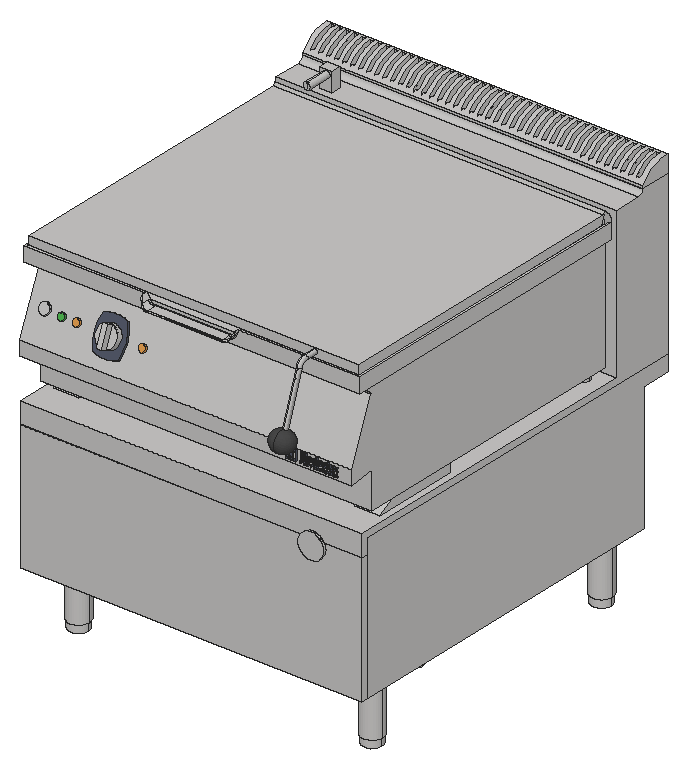
Revit family "QF_ELECTROLUXPROFESSIONAL_391282_E9BRGHDO4M", category Specialty Equipment, Revit 2018
Family settings
  Round Connector Dimension = Use Diameter
  Part Type = Normal
  Work Plane-Based = No
  Always vertical = Yes
  Cut with Voids When Loaded = No
  Shared = No
  Room Calculation Point = No
Parameters (values of type "Standard")
  Weight = 150.00 kg
  Watts = 0 W
  Volts = 220 V
  URL Manufacturer = "https://www.electroluxprofessional.com/"
  URL = "https://www.electroluxprofessional.com/"
  Steam Supply Size = 0"
  Steam Supply Minimum Pressure = 0.00 psi
  Steam Supply Maximum Pressure = 0.00 psi
  Steam Pounds per Hour = 0
  Show Logo [instance] = yes
  Show Clearance [instance] = yes
  Refrigeration Suction Line Size = 0 mm
  Refrigeration Liquid Line Size = 0 mm
  Refrigerant Compressor Remote = yes
  Phase = 1
  Model = "E9BRGHDO4M"
  Manufacturer = "Electrolux Professional"
  Length Actual = 800 mm  # constant formula
  Item Number = "391282"
  Hot Water Size = 0"
  Height Actual = 850 mm  # constant formula
  HP = "0.1 HP"
  Gas Size = 1/2"
  Gas KW = 21
  Gas Input Pressure = 0.672036 Btu/h
  Direct Waste Size = 0"
  Description = "80L GAS BRATT PAN DUOMAT BOTTOM AUT-60HZ"
  Depth Actual = 930 mm  # constant formula
  Cycle = 60 Hz
  Condensate Return Size = 0"
  Compressed Air Volume = 0 GPM
  Compressed Air Size = 0"
  Compressed Air Pressure = 0.00 psi
  Cold Water Size = 3/4"
  Assembly Code = ""
  Accessory = yes
Reference planes
  plane 1 "BACK": y = 0
  plane 2: z = 0
  plane 3 "LEFT": x = 0
  plane 4 "RIGHT": x = 800
  plane 5 "FRONT": y = -915
  plane 6 "TOP": z = 908
  plane 7 "Center Y": x = 400
  plane 8 "Center X": y = -457.5
  plane 9 "Base": z = 149
  plane 10: z = 502.193
  plane 11: z = 1653
  plane 12: y = -125
  plane 13: y = -799
  plane 14: x = 55
  plane 15: y = -160.853
  plane 16: x = 745
  plane 17: y = -1014
  plane 18: y = -899.182
  plane 19: x = 786
  plane 20: z = 850
  plane 21 "Connection": z = 182
  plane 22: y = -706
  plane 23: x = 265
  plane 24: x = 105
  plane 25: x = 195
  plane 26 "FUME": z = 866.248
Forms (mm)
  Revolve 1, solid, material "QF_Finishes_Stainless Steel"
    sketch origin (0, -125, 0) x (1, 0, 0) y (0, 0, 1)
      loop
        line (55, 0) -> (55, 149) -> (29.6, 149) -> (29.6, 19.05) -> (32.1, 19.05) -> (32.1, 0) -> (55, 0)
      axis (55, 0) -> (55, 149)
    angle from 0 to 360
  Revolve 2, solid, material "QF_Finishes_Stainless Steel"
    sketch origin (0, -799, 0) x (1, 0, 0) y (0, 0, 1)
      loop
        line (55, 0) -> (55, 149) -> (29.6, 149) -> (29.6, 19.05) -> (32.1, 19.05) -> (32.1, 0) -> (55, 0)
      axis (55, 0) -> (55, 149)
    angle from 0 to 360
  Extrusion 3, solid, material "QF_Finishes_Stainless Steel"
    sketch origin (0, -214.682, 0) x (0, 1, 0) y (0, 0, 1)
      loop
        line (214.682, 487.193) -> (214.682, 866.248) -> (143.055, 866.248)
        arc (143.055, 866.248) -> (139.432, 857.502) -> (130.686, 853.88) r 12.368
        line (130.686, 853.88) -> (64.682, 853.88) -> (64.682, 502.193) -> (-684.5, 502.193) -> (-684.5, 452.193) -> (-669.5, 452.193) -> (-669.5, 487.193) -> (214.682, 487.193)
      loop
        line (-669.5, 149) -> (-669.5, 451.193) -> (-684.5, 451.193) -> (-684.5, 149) -> (-669.5, 149)
    from 0 to 800
  Extrusion 4, solid, material "QF_Finishes_Stainless Steel"
    sketch origin (0, -214.682, 0) x (0, 1, 0) y (0, 0, 1)
      loop
        line (44.029, 528.406) -> (44.029, 817.127) -> (-678.5, 817.127) -> (-678.5, 809.681) -> (-643.264, 774.446) -> (-700.318, 641.094) -> (-700.318, 606.094) -> (-640.765, 613.406) -> (-640.765, 528.406) -> (44.029, 528.406)
    from 10 to 790
  Sweep 5, solid, material "QF_Finishes_Stainless Steel"
    path origin (0, -204.882, 145) x (-1, 0, 0) y (0, -1, 0)
      loop
        line (-290, 694.3) -> (-5, 694.3) -> (-5, -44.029) -> (-795, -44.029) -> (-795, 694.3) -> (-510, 694.3)
    profile origin (652.5, -899.182, 145) x (0, -1, 0) y (0, 0, 1)
      loop
        line (-5, 651.359) -> (0, 651.359) -> (0, 685.301) -> (-6, 685.301) -> (-6, 681.062) -> (-5, 681.062) -> (-5, 651.359)
  Extrusion 6, solid, material "QF_Finishes_Stainless Steel"
    sketch origin (0, -214.682, -5) x (0, 1, 0) y (0, 0, 1)
      loop
        line (33.715, 835.301) -> (42.572, 855) -> (-677.138, 855) -> (-677.138, 835.301) -> (33.715, 835.301)
      loop
        arc (64.305, 837.022) -> (57.071, 850.749) -> (45.92, 861.539) r 49.182
        line (45.92, 861.539) -> (39.069, 846.301) -> (45.904, 846.301) -> (45.904, 832.604) -> (64.305, 814.204) -> (64.305, 837.022)
    from 12.363 to 787.637
  Extrusion 7, solid, material "QF_Finishes_Stainless Steel"
    sketch origin (0, -214.682, 0) x (0, 1, 0) y (0, 0, 1)
      loop
        line (-403.818, 528.406) -> (-556.057, 528.406) -> (-609.801, 502.193) -> (-403.818, 502.193) -> (-403.818, 528.406)
    from 16.63 to 76.513
  Extrusion 8, solid, material "QF_Finishes_Stainless Steel"
    sketch origin (0, -207.182, 150) x (-1, 0, 0) y (0, -1, 0)
      loop
        circle (-46.571, -17.496) r 15
      loop
        circle (-753.429, -17.496) r 15
    from 352.193 to 383.406
  Extrusion 9, solid, material "QF_Finishes_Stainless Steel"
    sketch origin (0, -64.682, 0) x (0, 1, 0) y (0, 0, 1)
      loop
        line (-43.387, 853.88) -> (-43.387, 898) -> (-67.444, 898) -> (-67.444, 853.88) -> (-43.387, 853.88)
    from 87.469 to 116.843
  Revolve 10, solid, material "QF_Finishes_Stainless Steel"
    sketch origin (103.25, -64.682, -10) x (0, 1, 0) y (0, 0, 1)
      loop
        line (-67.444, 898.097) -> (-67.444, 906.222) -> (-123.629, 906.222) -> (-123.629, 898.097) -> (-67.444, 898.097)
      axis (-123.629, 898.097) -> (-67.444, 898.097)
    angle from 0 to 360
  Extrusion 11, solid, material "QF_Clearances", visible <- "Show Clearance", detail levels coarse
    sketch origin (0, -214.682, 0) x (1, 0, 0) y (0, 1, 0)
      loop
        line (800, 214.682) -> (800, -700.318) -> (850, -700.318) -> (850, 264.682) -> (-50, 264.682) -> (-50, -700.318) -> (0, -700.318) -> (0, 214.682) -> (800, 214.682)
    from 0 to 908
  Extrusion 12, solid, material "QF_Finishes_Stainless Steel"
    sketch origin (800, 0, 0) x (0, 1, 0) y (0, 0, 1)
      loop
        line (-884.182, 149) -> (-69, 149) -> (-69, 448) -> (0, 448) -> (0, 487.193) -> (-884.182, 487.193) -> (-884.182, 149)
    from 0 to -800
  Revolve 13, solid, material "QF_Finishes_Stainless Steel"
    sketch origin (1000, -125, 0) x (-1, 0, 0) y (0, 0, -1)
      loop
        line (255, 0) -> (232.1, 0) -> (232.1, -19.05) -> (229.6, -19.05) -> (229.6, -149) -> (255, -149) -> (255, 0)
      axis (255, 0) -> (255, -149)
    angle from 0 to 360
  Revolve 14, solid, material "QF_Finishes_Stainless Steel"
    sketch origin (1000, -799, 0) x (-1, 0, 0) y (0, 0, -1)
      loop
        line (255, 0) -> (232.1, 0) -> (232.1, -19.05) -> (229.6, -19.05) -> (229.6, -149) -> (255, -149) -> (255, 0)
      axis (255, 0) -> (255, -149)
    angle from 0 to 360
  Sweep 15, solid, material "QF_Finishes_Stainless Steel"
    path origin (8.84, -214.682, -10) x (0, 1, 0) y (0, 0, 1)
      loop
        line (-677.138, 852.831) -> (-705.492, 852.831)
        arc (-705.492, 852.831) -> (-716.963, 849.214) -> (-724.286, 839.672) r 20
        line (-724.286, 839.672) -> (-765.322, 726.924)
    profile origin (8.84, -905.997, 842.831) x (0, 0, -1) y (1, 0, 0)
      loop
        circle (0, 676.16) r 5
  Revolve 16, solid, material "QF_Finishes_Black"
    sketch origin (685, -194.682, 0) x (0, 1, 0) y (0, 0, 1)
      loop
        line (-785.322, 716.924) -> (-792.738, 719.623)
        arc (-792.738, 719.623) -> (-818.978, 701.075) -> (-800.713, 674.638) r 22.845
        line (-800.713, 674.638) -> (-785.322, 716.924)
      axis (-785.322, 716.924) -> (-800.713, 674.638)
    angle from 0 to 360
  Extrusion 17, solid, material "QF_Finishes_Stainless Steel"
    sketch origin (800, -69, 149) x (-1, 0, 0) y (0, 1, 0)
      loop
        circle (14, -649.182) r 12.7
    from 0 to 5
  Extrusion 18, solid, material "QF_Finishes_Stainless Steel"
    sketch origin (-3.75, -899.182, 149) x (0, 0, 1) y (-1, 0, 0)
      loop
        circle (289.443, -688.75) r 30
    from 0 to 5
  Extrusion 19, solid, material "QF_Finishes_Stainless Steel"
    sketch origin (800, -214.682, 0) x (0, 1, 0) y (0, 0, -1)
      loop
        line (-403.818, -528.406) -> (-403.818, -502.193) -> (-609.801, -502.193) -> (-556.057, -528.406) -> (-403.818, -528.406)
    from 16.63 to 76.513
  Extrusion 20, solid, material "QF_Finishes_Stainless Steel"
    sketch origin (0, 0, 182) x (-1, 0, 0) y (0, -1, 0)
      loop
        circle (-105, 706) r 6.35
    from 0 to 45
  Extrusion 21, solid, material "QF_Finishes_Stainless Steel"
    sketch origin (21.213, 21.213, 182) x (-1, 0, 0) y (0, -1, 0)
      loop
        circle (-173.787, 719.213) r 6.35
    from 0 to 45
  Extrusion 22, solid, material "QF_Finishes_Stainless Steel"
    sketch origin (130, 0, 182) x (-1, 0, 0) y (0, -1, 0)
      loop
        circle (-135, 706) r 6.35
    from 0 to 45
  Extrusion 23, solid, material "QF_Finishes_Stainless Steel"
    sketch origin (0, -201.682, -15.905) x (1, 0, 0) y (0, 0, 1)
      loop
        line (509.996, 839.805) -> (509.996, 846.205) -> (502.677, 833.527)
        arc (502.677, 833.527) -> (496.674, 827.524) -> (488.474, 825.327) r 16.4
        line (488.474, 825.327) -> (311.526, 825.327)
        arc (311.526, 825.327) -> (303.32, 827.526) -> (297.312, 833.534) r 16.413
        line (297.312, 833.534) -> (289.996, 846.205) -> (289.996, 839.805) -> (294.541, 831.934)
        arc (294.541, 831.934) -> (301.72, 824.755) -> (311.526, 822.127) r 19.613
        line (311.526, 822.127) -> (488.474, 822.127)
        arc (488.474, 822.127) -> (498.274, 824.753) -> (505.448, 831.927) r 19.6
        line (505.448, 831.927) -> (509.996, 839.805)
    from 697.5 to 717.595
  Extrusion 24, void
    sketch origin (900, 188.397, 1219.2) x (0, -1, 0) y (0, 0, 1)
      loop
        line (1110.167, -415.736) -> (1110.167, -387.945) -> (1093.05, -387.945) -> (1110.167, -415.736)
    from 390 to 610
  Extrusion 25, solid, material "QF_Finishes_Navy Blue"
    sketch origin (-55.546, -1052.067, 320.727) x (0, 0.393353, 0.919387) y (-1, 0, 0)
      loop
        arc (453.989, -230.321) -> (416.907, -221.34) -> (379.375, -228.202) r 91.844
        arc (379.375, -228.202) -> (372.249, -258.844) -> (379.375, -289.487) r 69.441
        arc (379.375, -289.487) -> (416.897, -296.198) -> (453.989, -287.419) r 93.759
        arc (453.989, -287.419) -> (460.218, -258.87) -> (453.989, -230.321) r 68.543
    from 0 to 3.175
  Extrusion 26, solid, material "QF_Finishes_Orange"
    sketch origin (9.372, -901.482, 672.689) x (0, 0.393353, 0.919387) y (-1, 0, 0)
      loop
        circle (34.513, -113.251) r 8
    from 0 to 3.175
  Extrusion 27, solid, material "QF_Finishes_Green"
    sketch origin (14.068, -901.51, 672.624) x (0, 0.393353, 0.919387) y (-1, 0, 0)
      loop
        circle (34.513, -73.251) r 8
    from 0 to 3.175
  Extrusion 28, solid, material "QF_Finishes_Stainless Steel"
    sketch origin (-159.296, -918.156, 641.79) x (0, 0.393353, 0.919387) y (-1, 0, 0)
      loop
        circle (68.826, -362.213) r 25.4
    from 0 to 12.7
  Extrusion 29, solid, material "QF_Finishes_Stainless Steel"
    sketch origin (-159.296, -929.832, 646.786) x (0, 0.393353, 0.919387) y (-1, 0, 0)
      loop
        arc (93.558, -367.999) -> (94.226, -362.213) -> (93.558, -356.427) r 25.4
        line (93.558, -356.427) -> (44.094, -356.427)
        arc (44.094, -356.427) -> (43.426, -362.213) -> (44.094, -367.999) r 25.4
        line (44.094, -367.999) -> (93.558, -367.999)
    from 0 to 12.7
  Extrusion 30, solid, material "QF_Finishes_Stainless Steel"
    sketch origin (10.937, -915, 641.094) x (0, 0.393353, 0.919387) y (-1, 0, 0)
      loop
        circle (71.473, -36.635) r 12.7
    from 0 to 3.2
  Extrusion 31, solid, material "QF_Finishes_Orange"
    sketch origin (164.372, -901.482, 672.689) x (0, 0.393353, 0.919387) y (-1, 0, 0)
      loop
        circle (34.513, -113.251) r 8
    from 0 to 3.175
  Extrusion 32, solid, material "QF_Clearances", visible <- "Show Clearance", detail levels coarse
    sketch origin (0, -996.643, 709.193) x (0, 0.238373, -0.971174) y (0, 0.971174, 0.238373)
      loop
        line (33.715, 835.301) -> (42.572, 855) -> (-677.138, 855) -> (-677.138, 835.301) -> (33.715, 835.301)
      loop
        arc (64.305, 837.022) -> (57.071, 850.749) -> (45.92, 861.539) r 49.182
        line (45.92, 861.539) -> (39.069, 846.301) -> (45.904, 846.301) -> (45.904, 832.604) -> (64.305, 814.204) -> (64.305, 837.022)
    from 12.363 to 787.637
  Sweep 33, solid, material "QF_Clearances", visible <- "Show Clearance", detail levels coarse
    path origin (8.84, -1001.499, 708.002) x (0, 0.238373, -0.971174) y (0, 0.971174, 0.238373)
      loop
        line (-677.138, 852.831) -> (-705.492, 852.831)
        arc (-705.492, 852.831) -> (-716.963, 849.214) -> (-724.286, 839.672) r 20
        line (-724.286, 839.672) -> (-765.322, 726.924)
    profile origin (8.84, -338.043, 1582.68) x (0, -0.971174, -0.238373) y (1, 0, 0)
      loop
        circle (0, 676.16) r 5
  Revolve 34, solid, material "QF_Clearances", visible <- "Show Clearance", detail levels coarse
    sketch origin (685, -987.02, 690.962) x (0, 0.238373, -0.971174) y (0, 0.971174, 0.238373)
      loop
        line (-785.322, 716.924) -> (-792.738, 719.623)
        arc (-792.738, 719.623) -> (-818.978, 701.075) -> (-800.713, 674.638) r 22.845
        line (-800.713, 674.638) -> (-785.322, 716.924)
      axis (-785.322, 716.924) -> (-800.713, 674.638)
    angle from 0 to 360
  Extrusion 35, solid, material "QF_Finishes_Navy Blue", visible <- "Show Logo"
    sketch origin (486.175, -915, 608.853) x (0, 0, 1) y (-1, 0, 0)
      loop
        line (26.951, -165.54) -> (5.387, -165.54)
        arc (5.387, -165.54) -> (16.169, -173.512) -> (26.951, -165.54) r 11.278
      loop
        arc (26.951, -164.444) -> (24.913, -155.475) -> (16.794, -151.154) r 11.052
        line (16.794, -151.154) -> (16.794, -154.722)
        arc (16.794, -154.722) -> (19.381, -161.095) -> (25.39, -164.444) r 10.359
        line (25.39, -164.444) -> (26.951, -164.444)
      loop
        arc (6.948, -164.444) -> (12.957, -161.095) -> (15.544, -154.722) r 10.359
        line (15.544, -154.722) -> (15.544, -151.154)
        arc (15.544, -151.154) -> (7.358, -155.468) -> (5.11, -164.444) r 11.341
        line (5.11, -164.444) -> (6.948, -164.444)
      loop
        line (28.128, -150.336) -> (4.161, -150.336) -> (4.161, -174.336) -> (28.128, -174.336) -> (28.128, -150.336)
      loop
        spline (16.361, -188.464) -> (16.369, -188.263) -> (16.397, -188.049) -> (16.447, -187.828) -> (16.523, -187.605) -> (16.628, -187.386) -> (16.766, -187.177) -> (16.939, -186.985) -> (17.152, -186.814) -> (17.407, -186.671) -> (17.709, -186.562) -> (18.059, -186.492) -> (18.462, -186.467)
        line (18.462, -186.467) -> (20.251, -186.467) -> (20.251, -192.37) -> (22.531, -192.37) -> (22.531, -186.466) -> (25.85, -186.466) -> (25.85, -192.746) -> (28.124, -192.746) -> (28.124, -184.05) -> (18.566, -184.05)
        spline (18.566, -184.05) -> (17.978, -184.071) -> (17.424, -184.137) -> (16.905, -184.248) -> (16.424, -184.406) -> (15.983, -184.612) -> (15.583, -184.866) -> (15.226, -185.171) -> (14.914, -185.528) -> (14.649, -185.937) -> (14.434, -186.401) -> (14.269, -186.919) -> (14.157, -187.495)
        line (14.157, -187.495) -> (14.089, -188.444) -> (14.089, -192.915) -> (16.361, -192.915) -> (16.361, -188.464)
      loop
        line (21.492, -194.632) -> (14.086, -194.632) -> (14.086, -197.049) -> (28.128, -197.049) -> (28.128, -194.632) -> (21.492, -194.632)
      loop
        spline (18.571, -208.979) -> (19.331, -208.995) -> (20.067, -208.922) -> (20.77, -208.763) -> (21.436, -208.522) -> (22.055, -208.2) -> (22.623, -207.802) -> (23.132, -207.331) -> (23.576, -206.789) -> (23.947, -206.18) -> (24.24, -205.507) -> (24.447, -204.772) -> (24.561, -203.98)
        spline (24.561, -203.98) -> (24.517, -203.228) -> (24.388, -202.513) -> (24.178, -201.84) -> (23.889, -201.216) -> (23.524, -200.646) -> (23.088, -200.134) -> (22.582, -199.687) -> (22.011, -199.309) -> (21.378, -199.005) -> (20.686, -198.782) -> (19.937, -198.644) -> (19.137, -198.597)
        spline (19.137, -198.597) -> (18.356, -198.643) -> (17.626, -198.777) -> (16.949, -198.995) -> (16.331, -199.293) -> (15.772, -199.666) -> (15.278, -200.111) -> (14.851, -200.623) -> (14.494, -201.198) -> (14.211, -201.832) -> (14.005, -202.519) -> (13.878, -203.257) -> (13.836, -204.041)
        spline (13.836, -204.041) -> (13.845, -204.424) -> (13.874, -204.802) -> (13.924, -205.175) -> (13.997, -205.545) -> (14.096, -205.909) -> (14.223, -206.27) -> (14.378, -206.625) -> (14.564, -206.976) -> (14.783, -207.322) -> (15.037, -207.664) -> (15.328, -208) -> (15.657, -208.331)
        line (15.657, -208.331) -> (17.073, -206.874)
        spline (17.073, -206.874) -> (16.889, -206.682) -> (16.719, -206.489) -> (16.566, -206.293) -> (16.427, -206.093) -> (16.305, -205.887) -> (16.198, -205.673) -> (16.108, -205.449) -> (16.033, -205.213) -> (15.975, -204.965) -> (15.933, -204.701) -> (15.908, -204.421) -> (15.9, -204.122)
        spline (15.9, -204.122) -> (15.921, -203.685) -> (15.985, -203.275) -> (16.089, -202.893) -> (16.233, -202.542) -> (16.413, -202.224) -> (16.628, -201.939) -> (16.878, -201.691) -> (17.159, -201.479) -> (17.471, -201.308) -> (17.811, -201.177) -> (18.178, -201.089) -> (18.571, -201.046)
        line (18.571, -201.046) -> (18.571, -208.979)
      loop
        spline (20.271, -206.55) -> (20.57, -206.527) -> (20.857, -206.458) -> (21.131, -206.348) -> (21.387, -206.199) -> (21.624, -206.014) -> (21.839, -205.797) -> (22.028, -205.55) -> (22.189, -205.276) -> (22.32, -204.98) -> (22.416, -204.663) -> (22.476, -204.329) -> (22.497, -203.98)
        spline (22.497, -203.98) -> (22.476, -203.607) -> (22.417, -203.248) -> (22.322, -202.905) -> (22.194, -202.584) -> (22.034, -202.285) -> (21.847, -202.013) -> (21.633, -201.77) -> (21.396, -201.56) -> (21.139, -201.385) -> (20.864, -201.25) -> (20.574, -201.156) -> (20.271, -201.107)
        line (20.271, -201.107) -> (20.271, -206.55)
      loop
        spline (19.198, -212.675) -> (19.648, -212.703) -> (20.074, -212.784) -> (20.475, -212.915) -> (20.846, -213.093) -> (21.184, -213.314) -> (21.487, -213.576) -> (21.752, -213.875) -> (21.976, -214.207) -> (22.155, -214.571) -> (22.286, -214.961) -> (22.368, -215.376) -> (22.395, -215.812)
        spline (22.395, -215.812) -> (22.387, -216.079) -> (22.362, -216.336) -> (22.321, -216.581) -> (22.264, -216.816) -> (22.192, -217.042) -> (22.105, -217.259) -> (22.002, -217.467) -> (21.886, -217.668) -> (21.755, -217.861) -> (21.611, -218.047) -> (21.453, -218.228) -> (21.283, -218.402)
        line (21.283, -218.402) -> (22.841, -219.9)
        spline (22.841, -219.9) -> (23.139, -219.602) -> (23.407, -219.295) -> (23.645, -218.979) -> (23.855, -218.656) -> (24.037, -218.324) -> (24.192, -217.985) -> (24.32, -217.639) -> (24.424, -217.286) -> (24.503, -216.926) -> (24.558, -216.56) -> (24.591, -216.189) -> (24.601, -215.812)
        spline (24.601, -215.812) -> (24.555, -215.057) -> (24.418, -214.333) -> (24.195, -213.648) -> (23.893, -213.008) -> (23.516, -212.418) -> (23.068, -211.886) -> (22.556, -211.419) -> (21.984, -211.021) -> (21.357, -210.701) -> (20.681, -210.465) -> (19.959, -210.318) -> (19.198, -210.268)
        spline (19.198, -210.268) -> (18.437, -210.318) -> (17.716, -210.465) -> (17.039, -210.701) -> (16.412, -211.021) -> (15.84, -211.419) -> (15.328, -211.886) -> (14.881, -212.418) -> (14.503, -213.008) -> (14.201, -213.648) -> (13.979, -214.333) -> (13.842, -215.057) -> (13.795, -215.812)
        spline (13.795, -215.812) -> (13.806, -216.189) -> (13.838, -216.56) -> (13.894, -216.926) -> (13.973, -217.286) -> (14.076, -217.639) -> (14.205, -217.985) -> (14.36, -218.324) -> (14.542, -218.656) -> (14.751, -218.979) -> (14.99, -219.295) -> (15.257, -219.602) -> (15.556, -219.9)
        line (15.556, -219.9) -> (17.114, -218.402)
        spline (17.114, -218.402) -> (16.943, -218.228) -> (16.786, -218.047) -> (16.641, -217.861) -> (16.511, -217.668) -> (16.394, -217.467) -> (16.292, -217.259) -> (16.204, -217.042) -> (16.132, -216.816) -> (16.075, -216.581) -> (16.034, -216.336) -> (16.009, -216.079) -> (16.001, -215.812)
        spline (16.001, -215.812) -> (16.029, -215.376) -> (16.11, -214.961) -> (16.242, -214.571) -> (16.421, -214.207) -> (16.644, -213.875) -> (16.909, -213.576) -> (17.212, -213.314) -> (17.551, -213.093) -> (17.922, -212.915) -> (18.322, -212.784) -> (18.748, -212.703) -> (19.198, -212.675)
      loop
        spline (16.358, -226.063) -> (16.354, -225.85) -> (16.37, -225.622) -> (16.41, -225.384) -> (16.477, -225.143) -> (16.575, -224.905) -> (16.708, -224.675) -> (16.88, -224.461) -> (17.095, -224.267) -> (17.357, -224.1) -> (17.669, -223.965) -> (18.036, -223.87) -> (18.462, -223.819)
        line (18.462, -223.819) -> (22.044, -223.819) -> (22.044, -226.018) -> (24.24, -226.018) -> (24.24, -223.822) -> (28.128, -223.822) -> (28.128, -221.405) -> (18.325, -221.405)
        spline (18.325, -221.405) -> (17.756, -221.457) -> (17.221, -221.55) -> (16.722, -221.687) -> (16.26, -221.867) -> (15.838, -222.093) -> (15.456, -222.365) -> (15.118, -222.685) -> (14.824, -223.053) -> (14.577, -223.471) -> (14.378, -223.94) -> (14.229, -224.46) -> (14.132, -225.034)
        line (14.132, -225.034) -> (14.086, -226.054) -> (16.358, -226.063)
      loop
        spline (24.381, -234.197) -> (24.407, -233.778) -> (24.399, -233.376) -> (24.36, -232.99) -> (24.289, -232.622) -> (24.188, -232.273) -> (24.058, -231.943) -> (23.901, -231.635) -> (23.716, -231.349) -> (23.505, -231.087) -> (23.27, -230.849) -> (23.011, -230.636) -> (22.73, -230.45)
        line (22.73, -230.45) -> (24.24, -230.45) -> (24.24, -228.052) -> (14.086, -228.052) -> (14.086, -230.45) -> (19.425, -230.45)
        spline (19.425, -230.45) -> (19.83, -230.472) -> (20.207, -230.537) -> (20.555, -230.643) -> (20.873, -230.788) -> (21.159, -230.972) -> (21.412, -231.192) -> (21.63, -231.448) -> (21.811, -231.736) -> (21.955, -232.056) -> (22.059, -232.406) -> (22.123, -232.784) -> (22.145, -233.189)
        line (22.145, -233.189) -> (22.044, -234.197) -> (24.381, -234.197)
      loop
        spline (19.163, -245.648) -> (19.908, -245.597) -> (20.618, -245.45) -> (21.287, -245.212) -> (21.909, -244.892) -> (22.48, -244.494) -> (22.993, -244.026) -> (23.443, -243.494) -> (23.823, -242.904) -> (24.129, -242.265) -> (24.354, -241.581) -> (24.494, -240.86) -> (24.542, -240.108)
        spline (24.542, -240.108) -> (24.494, -239.351) -> (24.354, -238.627) -> (24.129, -237.941) -> (23.823, -237.301) -> (23.443, -236.712) -> (22.993, -236.181) -> (22.48, -235.714) -> (21.909, -235.318) -> (21.287, -234.999) -> (20.618, -234.763) -> (19.908, -234.617) -> (19.163, -234.567)
        spline (19.163, -234.567) -> (18.418, -234.617) -> (17.708, -234.763) -> (17.039, -234.999) -> (16.417, -235.318) -> (15.846, -235.714) -> (15.333, -236.181) -> (14.883, -236.712) -> (14.502, -237.301) -> (14.197, -237.941) -> (13.971, -238.627) -> (13.831, -239.351) -> (13.784, -240.108)
        spline (13.784, -240.108) -> (13.831, -240.86) -> (13.971, -241.581) -> (14.197, -242.265) -> (14.502, -242.904) -> (14.883, -243.494) -> (15.333, -244.026) -> (15.846, -244.494) -> (16.417, -244.892) -> (17.039, -245.212) -> (17.708, -245.45) -> (18.418, -245.597) -> (19.163, -245.648)
      loop
        spline (19.163, -243.25) -> (19.602, -243.222) -> (20.021, -243.14) -> (20.417, -243.008) -> (20.785, -242.829) -> (21.123, -242.606) -> (21.427, -242.344) -> (21.693, -242.044) -> (21.919, -241.71) -> (22.101, -241.347) -> (22.235, -240.956) -> (22.318, -240.542) -> (22.346, -240.108)
        spline (22.346, -240.108) -> (22.318, -239.669) -> (22.235, -239.252) -> (22.101, -238.86) -> (21.919, -238.496) -> (21.693, -238.163) -> (21.427, -237.864) -> (21.123, -237.602) -> (20.785, -237.381) -> (20.417, -237.204) -> (20.021, -237.073) -> (19.602, -236.993) -> (19.163, -236.965)
        spline (19.163, -236.965) -> (18.723, -236.993) -> (18.304, -237.073) -> (17.909, -237.204) -> (17.541, -237.381) -> (17.203, -237.602) -> (16.899, -237.864) -> (16.632, -238.163) -> (16.406, -238.496) -> (16.225, -238.86) -> (16.091, -239.252) -> (16.008, -239.669) -> (15.979, -240.108)
        spline (15.979, -240.108) -> (16.008, -240.542) -> (16.091, -240.956) -> (16.225, -241.347) -> (16.406, -241.71) -> (16.632, -242.044) -> (16.899, -242.344) -> (17.203, -242.606) -> (17.541, -242.829) -> (17.909, -243.008) -> (18.304, -243.14) -> (18.723, -243.222) -> (19.163, -243.25)
      loop
        line (21.735, -247.134) -> (14.086, -247.134) -> (14.086, -249.553) -> (28.128, -249.553) -> (28.128, -247.134) -> (21.735, -247.134)
      loop
        line (24.24, -258.272) -> (18.337, -258.272)
        spline (18.337, -258.272) -> (17.953, -258.252) -> (17.607, -258.196) -> (17.298, -258.104) -> (17.025, -257.979) -> (16.788, -257.824) -> (16.584, -257.639) -> (16.415, -257.429) -> (16.277, -257.194) -> (16.172, -256.937) -> (16.098, -256.66) -> (16.054, -256.365) -> (16.04, -256.055)
        spline (16.04, -256.055) -> (16.054, -255.745) -> (16.098, -255.45) -> (16.172, -255.173) -> (16.277, -254.916) -> (16.413, -254.682) -> (16.582, -254.471) -> (16.784, -254.287) -> (17.019, -254.132) -> (17.29, -254.007) -> (17.595, -253.915) -> (17.937, -253.859) -> (18.316, -253.839)
        line (18.316, -253.839) -> (24.24, -253.839) -> (24.24, -251.401) -> (18.115, -251.401)
        spline (18.115, -251.401) -> (17.421, -251.445) -> (16.79, -251.57) -> (16.22, -251.771) -> (15.713, -252.043) -> (15.267, -252.379) -> (14.881, -252.774) -> (14.556, -253.221) -> (14.292, -253.715) -> (14.086, -254.249) -> (13.94, -254.818) -> (13.853, -255.415) -> (13.824, -256.035)
        spline (13.824, -256.035) -> (13.853, -256.661) -> (13.942, -257.263) -> (14.09, -257.836) -> (14.298, -258.375) -> (14.567, -258.873) -> (14.896, -259.324) -> (15.287, -259.722) -> (15.74, -260.061) -> (16.254, -260.335) -> (16.832, -260.538) -> (17.472, -260.665) -> (18.176, -260.708)
        line (18.176, -260.708) -> (24.24, -260.708) -> (24.24, -258.272)
      loop
        line (17.333, -269.856) -> (19.465, -268.331) -> (22.037, -270.219) -> (24.239, -271.836) -> (24.239, -269.197) -> (21.197, -267) -> (24.239, -264.785) -> (24.239, -262.166) -> (22.185, -263.668) -> (19.445, -265.671) -> (16.52, -263.571) -> (14.086, -261.823) -> (14.086, -264.422) -> (17.672, -267) -> (14.086, -269.579) -> (14.086, -272.178) -> (17.333, -269.856)
      loop
        line (9.015, -185.409) -> (9.015, -183.539) -> (4.161, -183.539) -> (4.161, -184.537) -> (5.806, -184.537) -> (5.806, -185.409)
        arc (5.806, -185.409) -> (7.41, -187.014) -> (9.015, -185.409) r 1.605
      loop
        arc (6.731, -185.476) -> (7.41, -186.056) -> (8.089, -185.476) r 0.687
        line (8.089, -185.476) -> (8.089, -184.537) -> (6.731, -184.537) -> (6.731, -185.476)
      loop
        line (9.015, -193.025) -> (9.015, -191.122) -> (4.161, -191.122) -> (4.161, -192.12) -> (5.833, -192.12) -> (5.833, -192.986) -> (4.161, -193.838) -> (4.161, -194.971) -> (6.078, -193.806)
        arc (6.078, -193.806) -> (6.645, -194.415) -> (7.45, -194.627) r 1.499
        arc (7.45, -194.627) -> (8.559, -194.145) -> (9.015, -193.025) r 1.602
      loop
        line (8.097, -193.005) -> (8.097, -192.12) -> (6.743, -192.12) -> (6.743, -193.005)
        arc (6.743, -193.005) -> (7.42, -193.556) -> (8.097, -193.005) r 0.691
      loop
        circle (6.588, -201.168) r 2.521
      loop
        circle (6.588, -201.168) r 1.6
      loop
        line (9.015, -207.864) -> (4.161, -207.864) -> (4.161, -208.862) -> (6.156, -208.862) -> (6.156, -210.689) -> (7.073, -210.689) -> (7.073, -208.862) -> (8.098, -208.862) -> (8.098, -210.864) -> (9.015, -210.864) -> (9.015, -207.864)
      loop
        line (9.015, -214.982) -> (5.735, -214.982)
        arc (5.735, -214.982) -> (4.623, -215.429) -> (4.161, -216.535) r 1.554
        line (4.161, -216.535) -> (4.161, -218.103) -> (5.078, -218.103) -> (5.078, -216.944)
        arc (5.078, -216.944) -> (5.427, -216.196) -> (6.223, -215.98) r 0.979
        line (6.223, -215.98) -> (6.223, -217.921) -> (7.141, -217.921) -> (7.141, -215.98) -> (8.098, -215.98) -> (8.098, -218.056) -> (9.015, -218.056) -> (9.015, -214.982)
      loop
        line (7.742, -224.632) -> (8.234, -225.349)
        arc (8.234, -225.349) -> (8.882, -224.684) -> (9.095, -223.78) r 1.738
        arc (9.095, -223.78) -> (8.894, -222.994) -> (8.386, -222.36) r 1.926
        arc (8.386, -222.36) -> (7.749, -222.275) -> (7.12, -222.404) r 1.936
        arc (7.12, -222.404) -> (6.653, -222.836) -> (6.356, -223.4) r 1.881
        arc (6.356, -223.4) -> (6.185, -223.835) -> (5.972, -224.252) r 4.917
        arc (5.972, -224.252) -> (5.357, -224.498) -> (4.996, -223.943) r 0.523
        arc (4.996, -223.943) -> (5.232, -223.24) -> (5.739, -222.7) r 1.738
        line (5.739, -222.7) -> (5.26, -221.938)
        arc (5.26, -221.938) -> (4.761, -222.24) -> (4.38, -222.681) r 1.867
        arc (4.38, -222.681) -> (4.141, -223.241) -> (4.08, -223.846) r 2.013
        arc (4.08, -223.846) -> (4.229, -224.594) -> (4.587, -225.268) r 2.629
        arc (4.587, -225.268) -> (5.379, -225.566) -> (6.211, -225.413) r 1.579
        arc (6.211, -225.413) -> (6.594, -225.08) -> (6.872, -224.656) r 1.83
        arc (6.872, -224.656) -> (7.111, -224.119) -> (7.318, -223.568) r 9.64
        arc (7.318, -223.568) -> (7.812, -223.25) -> (8.179, -223.71) r 0.439
        arc (8.179, -223.71) -> (8.066, -224.221) -> (7.742, -224.632) r 1.168
      loop
        line (9.015, -237.028) -> (4.161, -237.028) -> (4.161, -238.027) -> (9.015, -238.027) -> (9.015, -237.028)
      loop
        circle (6.588, -244.756) r 1.51
      loop
        circle (6.588, -244.756) r 2.521
      loop
        line (4.161, -251.452) -> (4.161, -252.461) -> (7.213, -252.461) -> (4.161, -254.682) -> (4.161, -255.652) -> (9.015, -255.652) -> (9.015, -254.644) -> (5.87, -254.644) -> (9.015, -252.423) -> (9.015, -251.452) -> (4.161, -251.452)
      loop
        line (4.161, -260.684) -> (5.208, -261.157) -> (5.208, -262.953) -> (4.161, -263.425) -> (4.161, -264.498) -> (9.015, -262.025) -> (4.161, -259.613) -> (4.161, -260.684)
      loop
        line (7.2, -262.055) -> (6.204, -261.605) -> (6.204, -262.505) -> (7.2, -262.055)
      loop
        line (5.078, -269.456) -> (9.015, -269.456) -> (9.015, -268.457) -> (4.161, -268.457) -> (4.161, -271.322) -> (5.078, -271.322) -> (5.078, -269.456)
      loop
        line (7.742, -231.965) -> (8.234, -232.682)
        arc (8.234, -232.682) -> (8.882, -232.017) -> (9.095, -231.114) r 1.738
        arc (9.095, -231.114) -> (8.894, -230.327) -> (8.386, -229.693) r 1.926
        arc (8.386, -229.693) -> (7.749, -229.609) -> (7.12, -229.737) r 1.936
        arc (7.12, -229.737) -> (6.653, -230.169) -> (6.356, -230.733) r 1.881
        arc (6.356, -230.733) -> (6.185, -231.168) -> (5.972, -231.586) r 4.917
        arc (5.972, -231.586) -> (5.357, -231.831) -> (4.996, -231.276) r 0.523
        arc (4.996, -231.276) -> (5.232, -230.573) -> (5.739, -230.033) r 1.738
        line (5.739, -230.033) -> (5.26, -229.271)
        arc (5.26, -229.271) -> (4.761, -229.573) -> (4.38, -230.015) r 1.867
        arc (4.38, -230.015) -> (4.141, -230.574) -> (4.08, -231.179) r 2.013
        arc (4.08, -231.179) -> (4.229, -231.928) -> (4.587, -232.602) r 2.629
        arc (4.587, -232.602) -> (5.379, -232.899) -> (6.211, -232.746) r 1.579
        arc (6.211, -232.746) -> (6.594, -232.414) -> (6.872, -231.989) r 1.83
        arc (6.872, -231.989) -> (7.111, -231.452) -> (7.318, -230.901) r 9.64
        arc (7.318, -230.901) -> (7.812, -230.583) -> (8.179, -231.043) r 0.439
        arc (8.179, -231.043) -> (8.066, -231.554) -> (7.742, -231.965) r 1.168
    from 0 to 1.644
  Extrusion 36, solid, material "QF_Finishes_Stainless Steel"
    sketch origin (290, -899.182, 830.301) x (-1, 0, 0) y (0, 0, -1)
      loop
        line (0.004, 33.941) -> (-220, 33.941) -> (-220, -0.006) -> (-212.677, 12.678)
        arc (-212.677, 12.678) -> (-206.674, 18.681) -> (-198.474, 20.878) r 16.4
        line (-198.474, 20.878) -> (-21.526, 20.878)
        arc (-21.526, 20.878) -> (-13.32, 18.679) -> (-7.312, 12.672) r 16.413
        line (-7.312, 12.672) -> (0.004, 0) -> (0.004, 33.941)
    from 0 to -6
  Extrusion 37, void
    sketch origin (26.231, 0, 866.248) x (-1, 0, 0) y (0, -1, 0)
      loop
        line (-295.005, 6.761) -> (-285.709, 6.761) -> (-285.709, 63.911) -> (-295.005, 63.911) -> (-295.005, 6.761)
      loop
        line (-313.697, 6.761) -> (-304.401, 6.761) -> (-304.401, 63.911) -> (-313.697, 63.911) -> (-313.697, 6.761)
      loop
        line (-332.39, 6.761) -> (-323.094, 6.761) -> (-323.094, 63.911) -> (-332.39, 63.911) -> (-332.39, 6.761)
      loop
        line (-351.082, 6.761) -> (-341.787, 6.761) -> (-341.787, 63.911) -> (-351.082, 63.911) -> (-351.082, 6.761)
      loop
        line (-369.775, 6.761) -> (-360.479, 6.761) -> (-360.479, 63.911) -> (-369.775, 63.911) -> (-369.775, 6.761)
      loop
        line (-388.468, 6.761) -> (-379.172, 6.761) -> (-379.172, 63.911) -> (-388.468, 63.911) -> (-388.468, 6.761)
      loop
        line (-407.16, 6.761) -> (-397.864, 6.761) -> (-397.864, 63.911) -> (-407.16, 63.911) -> (-407.16, 6.761)
      loop
        line (-425.853, 6.761) -> (-416.557, 6.761) -> (-416.557, 63.911) -> (-425.853, 63.911) -> (-425.853, 6.761)
      loop
        line (-444.545, 6.761) -> (-435.25, 6.761) -> (-435.25, 63.911) -> (-444.545, 63.911) -> (-444.545, 6.761)
      loop
        line (-463.238, 6.761) -> (-453.942, 6.761) -> (-453.942, 63.911) -> (-463.238, 63.911) -> (-463.238, 6.761)
      loop
        line (-481.931, 6.761) -> (-472.635, 6.761) -> (-472.635, 63.911) -> (-481.931, 63.911) -> (-481.931, 6.761)
      loop
        line (-500.623, 6.761) -> (-491.328, 6.761) -> (-491.328, 63.911) -> (-500.623, 63.911) -> (-500.623, 6.761)
      loop
        line (-519.316, 6.761) -> (-510.02, 6.761) -> (-510.02, 63.911) -> (-519.316, 63.911) -> (-519.316, 6.761)
      loop
        line (-538.008, 6.761) -> (-528.713, 6.761) -> (-528.713, 63.911) -> (-538.008, 63.911) -> (-538.008, 6.761)
      loop
        line (-556.701, 6.761) -> (-547.405, 6.761) -> (-547.405, 63.911) -> (-556.701, 63.911) -> (-556.701, 6.761)
      loop
        line (-575.394, 6.761) -> (-566.098, 6.761) -> (-566.098, 63.911) -> (-575.394, 63.911) -> (-575.394, 6.761)
      loop
        line (-594.086, 6.761) -> (-584.791, 6.761) -> (-584.791, 63.911) -> (-594.086, 63.911) -> (-594.086, 6.761)
      loop
        line (-612.779, 6.761) -> (-603.483, 6.761) -> (-603.483, 63.911) -> (-612.779, 63.911) -> (-612.779, 6.761)
      loop
        line (-631.472, 6.761) -> (-622.176, 6.761) -> (-622.176, 63.911) -> (-631.472, 63.911) -> (-631.472, 6.761)
      loop
        line (-650.164, 6.761) -> (-640.868, 6.761) -> (-640.868, 63.911) -> (-650.164, 63.911) -> (-650.164, 6.761)
      loop
        line (-126.771, 6.761) -> (-117.475, 6.761) -> (-117.475, 63.911) -> (-126.771, 63.911) -> (-126.771, 6.761)
      loop
        line (-145.464, 6.761) -> (-136.168, 6.761) -> (-136.168, 63.911) -> (-145.464, 63.911) -> (-145.464, 6.761)
      loop
        line (-164.156, 6.761) -> (-154.861, 6.761) -> (-154.861, 63.911) -> (-164.156, 63.911) -> (-164.156, 6.761)
      loop
        line (-182.849, 6.761) -> (-173.553, 6.761) -> (-173.553, 63.911) -> (-182.849, 63.911) -> (-182.849, 6.761)
      loop
        line (-201.542, 6.761) -> (-192.246, 6.761) -> (-192.246, 63.911) -> (-201.542, 63.911) -> (-201.542, 6.761)
      loop
        line (-220.234, 6.761) -> (-210.938, 6.761) -> (-210.938, 63.911) -> (-220.234, 63.911) -> (-220.234, 6.761)
      loop
        line (-238.927, 6.761) -> (-229.631, 6.761) -> (-229.631, 63.911) -> (-238.927, 63.911) -> (-238.927, 6.761)
      loop
        line (-257.619, 6.761) -> (-248.324, 6.761) -> (-248.324, 63.911) -> (-257.619, 63.911) -> (-257.619, 6.761)
      loop
        line (-276.312, 6.761) -> (-267.016, 6.761) -> (-267.016, 63.911) -> (-276.312, 63.911) -> (-276.312, 6.761)
      loop
        line (-108.078, 6.761) -> (-98.783, 6.761) -> (-98.783, 63.911) -> (-108.078, 63.911) -> (-108.078, 6.761)
      loop
        line (4.077, 6.761) -> (13.373, 6.761) -> (13.373, 63.911) -> (4.077, 63.911) -> (4.077, 6.761)
      loop
        line (-14.615, 6.761) -> (-5.32, 6.761) -> (-5.32, 63.911) -> (-14.615, 63.911) -> (-14.615, 6.761)
      loop
        line (-33.308, 6.761) -> (-24.012, 6.761) -> (-24.012, 63.911) -> (-33.308, 63.911) -> (-33.308, 6.761)
      loop
        line (-52.001, 6.761) -> (-42.705, 6.761) -> (-42.705, 63.911) -> (-52.001, 63.911) -> (-52.001, 6.761)
      loop
        line (-70.693, 6.761) -> (-61.398, 6.761) -> (-61.398, 63.911) -> (-70.693, 63.911) -> (-70.693, 6.761)
      loop
        line (-89.386, 6.761) -> (-80.09, 6.761) -> (-80.09, 63.911) -> (-89.386, 63.911) -> (-89.386, 6.761)
      loop
        line (-668.857, 6.761) -> (-659.561, 6.761) -> (-659.561, 63.911) -> (-668.857, 63.911) -> (-668.857, 6.761)
      loop
        line (-687.549, 6.761) -> (-678.254, 6.761) -> (-678.254, 63.911) -> (-687.549, 63.911) -> (-687.549, 6.761)
      loop
        line (-706.242, 6.761) -> (-696.946, 6.761) -> (-696.946, 63.911) -> (-706.242, 63.911) -> (-706.242, 6.761)
      loop
        line (-724.935, 6.761) -> (-715.639, 6.761) -> (-715.639, 63.911) -> (-724.935, 63.911) -> (-724.935, 6.761)
      loop
        line (-743.627, 6.761) -> (-734.331, 6.761) -> (-734.331, 63.911) -> (-743.627, 63.911) -> (-743.627, 6.761)
      loop
        line (-751.616, 6.761) -> (-751.616, 63.911) -> (-760.912, 63.911) -> (-760.912, 6.761) -> (-751.616, 6.761)
    from 9.525 to 45.348
  Extrusion 38, solid, material "QF_Finishes_Stainless Steel"
    sketch origin (-108.759, 0, 591.61) x (0, 1, 0) y (0, 0, 1)
      loop
        line (0, 274.638) -> (0, 316.35)
        arc (0, 316.35) -> (-40.437, 307.046) -> (-71.628, 279.681) r 84.854
        line (-71.628, 279.681) -> (-71.628, 274.638) -> (0, 274.638)
    from 108.759 to 908.759
Cuts and joins
  Extrusion 24 cuts Extrusion 23
  joined: Sweep 5, Extrusion 23, Extrusion 36
  Extrusion 37 cuts Extrusion 38
Lines and regions (mm)
  symbolic lines
    curve 1: line (10, -915, 149) -> (197.131, -915, 149)
    curve 2: line (0, -899.182, 149) -> (280.622, -899.182, 149)
    curve 3: line (5, -160.853, 149) -> (5, -899.182, 149)
    curve 4: line (0, 0, 149) -> (0, -899.182, 149)
    curve 5: line (800, -899.182, 149) -> (800, 0, 149)
    curve 6: line (5, -160.853, 149) -> (95.125, -160.853, 149)
    curve 7: line (789, -171.653, 149) -> (111.375, -171.653, 149)
    curve 8: line (0, -71.628, 149) -> (800, -71.628, 149)
    curve 9: line (111.375, -160.853, 149) -> (795, -160.853, 149)
    curve 10: line (95.125, -172.111, 149) -> (12.363, -172.111, 149)
    curve 11: line (90.942, -172.111, 149) -> (90.942, -192.672, 149)
    curve 12: line (117.192, -171.653, 149) -> (117.192, -192.672, 149)
    curve 13: arc (90.942, -192.672, 149) -> (104.067, -205.797, 149) -> (117.192, -192.672, 149) r 13.125
    curve 14: line (504.543, -915, 149) -> (680, -915, 149)
    curve 15: line (12.363, -891.82, 149) -> (787.637, -891.82, 149)
    curve 16: line (0, 0, 149) -> (800, 0, 149)
    curve 20: line (680, -980.005, 149) -> (680, -891.82, 149)
    curve 21: line (690, -980.005, 149) -> (690, -891.82, 149)
    curve 22: spline (685, -987.42, 149) -> (686.603, -987.265, 149) -> (688.14, -986.808, 149) -> (689.545, -986.066, 149) -> (690.761, -985.072, 149) -> (691.737, -983.866, 149) -> (692.431, -982.499, 149) -> (692.815, -981.028, 149) -> (692.874, -979.515, 149) -> (692.604, -978.022, 149) -> (692.016, -976.611, 149) -> (691.136, -975.342, 149) -> (690, -974.268, 149)
    curve 23: spline (690, -980.005, 149) -> (689.957, -980.618, 149) -> (689.83, -981.221, 149) -> (689.619, -981.803, 149) -> (689.33, -982.354, 149) -> (688.967, -982.865, 149) -> (688.536, -983.327, 149) -> (688.044, -983.732, 149) -> (687.5, -984.074, 149) -> (686.913, -984.345, 149) -> (686.294, -984.543, 149) -> (685.653, -984.663, 149) -> (685, -984.703, 149)
    curve 24: spline (685, -984.703, 149) -> (684.347, -984.663, 149) -> (683.706, -984.543, 149) -> (683.087, -984.345, 149) -> (682.5, -984.074, 149) -> (681.956, -983.732, 149) -> (681.464, -983.327, 149) -> (681.033, -982.865, 149) -> (680.67, -982.354, 149) -> (680.381, -981.803, 149) -> (680.17, -981.221, 149) -> (680.043, -980.618, 149) -> (680, -980.005, 149)
    curve 25: spline (680, -974.268, 149) -> (678.864, -975.342, 149) -> (677.984, -976.611, 149) -> (677.396, -978.022, 149) -> (677.126, -979.515, 149) -> (677.185, -981.028, 149) -> (677.569, -982.499, 149) -> (678.263, -983.866, 149) -> (679.239, -985.072, 149) -> (680.455, -986.066, 149) -> (681.86, -986.808, 149) -> (683.397, -987.265, 149) -> (685, -987.42, 149)
    curve 26: line (95.125, -188.311, 149) -> (111.375, -188.311, 149)
    curve 27: line (95.125, -132.127, 149) -> (95.125, -188.311, 149)
    curve 28: line (111.375, -188.311, 149) -> (111.375, -132.127, 149)
    curve 29: line (87.469, -132.127, 149) -> (116.843, -132.127, 149)
    curve 30: line (87.469, -108.069, 149) -> (87.469, -132.127, 149)
    curve 31: line (116.843, -108.069, 149) -> (87.469, -108.069, 149)
    curve 32: line (116.843, -132.127, 149) -> (116.843, -108.069, 149)
    curve 33: arc (680, -961.314, 149) -> (685, -1014, 149) -> (690, -961.314, 149) r 26.58
    curve 34: line (0, -150, 182) -> (95.125, -150, 182)
    curve 35: line (800, -150, 182) -> (111.375, -150, 182)
    curve 36: line (12.363, -891.82, 149) -> (12.363, -172.111, 149)
    curve 37: line (787.637, -891.82, 149) -> (787.637, -171.653, 149)
    curve 38: line (790, -915, 182) -> (790, -899.182, 182)
    curve 39: line (10, -899.182, 182) -> (10, -915, 182)
    curve 40: line (795, -160.853, 149) -> (795, -899.182, 149)
    curve 41: line (197.131, -924.708, 149) -> (197.131, -899.182, 149)
    curve 42: line (208.703, -924.708, 149) -> (208.703, -899.182, 149)
    curve 43: line (197.131, -924.708, 149) -> (208.703, -924.708, 149)
    curve 44: line (197.131, -915.021, 149) -> (180.061, -915.021, 149)
    curve 45: line (208.703, -915.021, 149) -> (225.774, -915.021, 149)
    curve 46: spline (208.703, -912.487, 182) -> (212.151, -912.066, 182) -> (215.413, -911.457, 182) -> (218.422, -910.673, 182) -> (221.118, -909.728, 182) -> (223.446, -908.643, 182) -> (225.359, -907.438, 182) -> (226.819, -906.14, 182) -> (227.796, -904.772, 182) -> (228.27, -903.365, 182) -> (228.233, -901.945, 182) -> (227.683, -900.541, 182) -> (226.634, -899.182, 182)
    curve 47: spline (225.812, -907.085, 182) -> (226.505, -906.99, 182) -> (227.196, -906.892, 182) -> (227.884, -906.792, 182) -> (228.569, -906.688, 182) -> (229.251, -906.581, 182) -> (229.93, -906.472, 182) -> (230.606, -906.36, 182) -> (231.28, -906.245, 182) -> (231.95, -906.127, 182) -> (232.617, -906.007, 182) -> (233.28, -905.884, 182) -> (233.941, -905.758, 182)
    curve 48: spline (233.941, -905.758, 182) -> (234.472, -905.225, 182) -> (234.983, -904.689, 182) -> (235.472, -904.15, 182) -> (235.94, -903.608, 182) -> (236.386, -903.063, 182) -> (236.811, -902.515, 182) -> (237.215, -901.965, 182) -> (237.596, -901.413, 182) -> (237.956, -900.858, 182) -> (238.294, -900.302, 182) -> (238.609, -899.743, 182) -> (238.903, -899.182, 182)
    curve 49: spline (197.131, -912.487, 182) -> (193.683, -912.066, 182) -> (190.421, -911.457, 182) -> (187.412, -910.673, 182) -> (184.717, -909.728, 182) -> (182.389, -908.643, 182) -> (180.475, -907.438, 182) -> (179.015, -906.14, 182) -> (178.038, -904.772, 182) -> (177.564, -903.365, 182) -> (177.602, -901.945, 182) -> (178.151, -900.541, 182) -> (179.201, -899.182, 182)
    curve 50: spline (167.58, -899.182, 182) -> (167.88, -899.743, 182) -> (168.203, -900.303, 182) -> (168.549, -900.86, 182) -> (168.917, -901.415, 182) -> (169.307, -901.967, 182) -> (169.72, -902.517, 182) -> (170.154, -903.065, 182) -> (170.611, -903.61, 182) -> (171.09, -904.151, 182) -> (171.59, -904.69, 182) -> (172.112, -905.225, 182) -> (172.656, -905.758, 182)
    curve 51: spline (172.656, -905.758, 182) -> (173.244, -905.87, 182) -> (173.834, -905.98, 182) -> (174.427, -906.088, 182) -> (175.022, -906.194, 182) -> (175.62, -906.297, 182) -> (176.22, -906.398, 182) -> (176.823, -906.498, 182) -> (177.428, -906.594, 182) -> (178.036, -906.689, 182) -> (178.645, -906.781, 182) -> (179.257, -906.871, 182) -> (179.871, -906.959, 182)
    curve 52: line (208.703, -915, 149) -> (295.414, -915, 149)
    curve 53: line (519.371, -899.182, 182) -> (505.448, -914.035, 182)
    curve 54: spline (505.442, -914.033, 182) -> (504.902, -914.595, 182) -> (504.301, -915.14, 182) -> (503.641, -915.666, 182) -> (502.924, -916.17, 182) -> (502.153, -916.653, 182) -> (501.331, -917.111, 182) -> (500.459, -917.544, 182) -> (499.542, -917.95, 182) -> (498.582, -918.327, 182) -> (497.581, -918.675, 182) -> (496.544, -918.992, 182) -> (495.475, -919.277, 182)
    curve 55: line (304.523, -919.277, 182) -> (495.475, -919.277, 182)
    curve 56: line (294.541, -914.031, 182) -> (280.622, -899.182, 182)
    curve 57: spline (304.523, -919.277, 182) -> (303.452, -918.992, 182) -> (302.414, -918.675, 182) -> (301.413, -918.327, 182) -> (300.452, -917.949, 182) -> (299.534, -917.543, 182) -> (298.662, -917.11, 182) -> (297.838, -916.651, 182) -> (297.067, -916.168, 182) -> (296.35, -915.663, 182) -> (295.689, -915.137, 182) -> (295.087, -914.592, 182) -> (294.547, -914.029, 182)
    curve 58: line (519.371, -899.182, 149) -> (680, -899.182, 149)
    curve 59: line (690, -899.182, 149) -> (800, -899.182, 149)
    curve 60: line (690, -915, 149) -> (790, -915, 149)
    curve 61: line (12.858, -63.911, 0) -> (22.153, -63.911, 0)
    curve 62: line (22.153, -63.911, 0) -> (22.153, -6.761, 0)
    curve 63: line (22.153, -6.761, 0) -> (12.858, -6.761, 0)
    curve 64: line (12.858, -6.761, 0) -> (12.858, -63.911, 0)
    curve 65: line (31.55, -63.911, 0) -> (40.846, -63.911, 0)
    curve 66: line (40.846, -63.911, 0) -> (40.846, -6.761, 0)
    curve 67: line (40.846, -6.761, 0) -> (31.55, -6.761, 0)
    curve 68: line (31.55, -6.761, 0) -> (31.55, -63.911, 0)
    curve 69: line (50.243, -63.911, 0) -> (59.539, -63.911, 0)
    curve 70: line (59.539, -63.911, 0) -> (59.539, -6.761, 0)
    curve 71: line (59.539, -6.761, 0) -> (50.243, -6.761, 0)
    curve 72: line (50.243, -6.761, 0) -> (50.243, -63.911, 0)
    curve 73: line (68.935, -63.911, 0) -> (78.231, -63.911, 0)
    curve 74: line (78.231, -63.911, 0) -> (78.231, -6.761, 0)
    curve 75: line (78.231, -6.761, 0) -> (68.935, -6.761, 0)
    curve 76: line (68.935, -6.761, 0) -> (68.935, -63.911, 0)
    curve 77: line (87.628, -63.911, 0) -> (96.924, -63.911, 0)
    curve 78: line (96.924, -63.911, 0) -> (96.924, -6.761, 0)
    curve 79: line (96.924, -6.761, 0) -> (87.628, -6.761, 0)
    curve 80: line (87.628, -6.761, 0) -> (87.628, -63.911, 0)
    curve 81: line (106.321, -63.911, 0) -> (115.616, -63.911, 0)
    curve 82: line (115.616, -63.911, 0) -> (115.616, -6.761, 0)
    curve 83: line (115.616, -6.761, 0) -> (106.321, -6.761, 0)
    curve 84: line (106.321, -6.761, 0) -> (106.321, -63.911, 0)
    curve 85: line (125.013, -63.911, 0) -> (134.309, -63.911, 0)
    curve 86: line (134.309, -63.911, 0) -> (134.309, -6.761, 0)
    curve 87: line (134.309, -6.761, 0) -> (125.013, -6.761, 0)
    curve 88: line (125.013, -6.761, 0) -> (125.013, -63.911, 0)
    curve 89: line (143.706, -63.911, 0) -> (153.002, -63.911, 0)
    curve 90: line (153.002, -63.911, 0) -> (153.002, -6.761, 0)
    curve 91: line (153.002, -6.761, 0) -> (143.706, -6.761, 0)
    curve 92: line (143.706, -6.761, 0) -> (143.706, -63.911, 0)
    curve 93: line (162.398, -63.911, 0) -> (171.694, -63.911, 0)
    curve 94: line (171.694, -63.911, 0) -> (171.694, -6.761, 0)
    curve 95: line (171.694, -6.761, 0) -> (162.398, -6.761, 0)
    curve 96: line (162.398, -6.761, 0) -> (162.398, -63.911, 0)
    curve 97: line (181.091, -63.911, 0) -> (190.387, -63.911, 0)
    curve 98: line (190.387, -63.911, 0) -> (190.387, -6.761, 0)
    curve 99: line (190.387, -6.761, 0) -> (181.091, -6.761, 0)
    curve 100: line (181.091, -6.761, 0) -> (181.091, -63.911, 0)
    curve 101: line (199.784, -63.911, 0) -> (209.079, -63.911, 0)
    curve 102: line (209.079, -63.911, 0) -> (209.079, -6.761, 0)
    curve 103: line (209.079, -6.761, 0) -> (199.784, -6.761, 0)
    curve 104: line (199.784, -6.761, 0) -> (199.784, -63.911, 0)
    curve 105: line (218.476, -63.911, 0) -> (227.772, -63.911, 0)
    curve 106: line (227.772, -63.911, 0) -> (227.772, -6.761, 0)
    curve 107: line (227.772, -6.761, 0) -> (218.476, -6.761, 0)
    curve 108: line (218.476, -6.761, 0) -> (218.476, -63.911, 0)
    curve 109: line (237.169, -63.911, 0) -> (246.465, -63.911, 0)
    curve 110: line (246.465, -63.911, 0) -> (246.465, -6.761, 0)
    curve 111: line (246.465, -6.761, 0) -> (237.169, -6.761, 0)
    curve 112: line (237.169, -6.761, 0) -> (237.169, -63.911, 0)
    curve 113: line (255.862, -63.911, 0) -> (265.157, -63.911, 0)
    curve 114: line (265.157, -63.911, 0) -> (265.157, -6.761, 0)
    curve 115: line (265.157, -6.761, 0) -> (255.862, -6.761, 0)
    curve 116: line (255.862, -6.761, 0) -> (255.862, -63.911, 0)
    curve 117: line (274.554, -63.911, 0) -> (283.85, -63.911, 0)
    curve 118: line (283.85, -63.911, 0) -> (283.85, -6.761, 0)
    curve 119: line (283.85, -6.761, 0) -> (274.554, -6.761, 0)
    curve 120: line (274.554, -6.761, 0) -> (274.554, -63.911, 0)
    curve 121: line (293.247, -63.911, 0) -> (302.542, -63.911, 0)
    curve 122: line (302.542, -63.911, 0) -> (302.542, -6.761, 0)
    curve 123: line (302.542, -6.761, 0) -> (293.247, -6.761, 0)
    curve 124: line (293.247, -6.761, 0) -> (293.247, -63.911, 0)
    curve 125: line (311.939, -63.911, 0) -> (321.235, -63.911, 0)
    curve 126: line (321.235, -63.911, 0) -> (321.235, -6.761, 0)
    curve 127: line (321.235, -6.761, 0) -> (311.939, -6.761, 0)
    curve 128: line (311.939, -6.761, 0) -> (311.939, -63.911, 0)
    curve 129: line (330.632, -63.911, 0) -> (339.928, -63.911, 0)
    curve 130: line (339.928, -63.911, 0) -> (339.928, -6.761, 0)
    curve 131: line (339.928, -6.761, 0) -> (330.632, -6.761, 0)
    curve 132: line (330.632, -6.761, 0) -> (330.632, -63.911, 0)
    curve 133: line (349.325, -63.911, 0) -> (358.62, -63.911, 0)
    curve 134: line (358.62, -63.911, 0) -> (358.62, -6.761, 0)
    curve 135: line (358.62, -6.761, 0) -> (349.325, -6.761, 0)
    curve 136: line (349.325, -6.761, 0) -> (349.325, -63.911, 0)
    curve 137: line (368.017, -63.911, 0) -> (377.313, -63.911, 0)
    curve 138: line (377.313, -63.911, 0) -> (377.313, -6.761, 0)
    curve 139: line (377.313, -6.761, 0) -> (368.017, -6.761, 0)
    curve 140: line (368.017, -6.761, 0) -> (368.017, -63.911, 0)
    curve 141: line (386.71, -63.911, 0) -> (396.006, -63.911, 0)
    curve 142: line (396.006, -63.911, 0) -> (396.006, -6.761, 0)
    curve 143: line (396.006, -6.761, 0) -> (386.71, -6.761, 0)
    curve 144: line (386.71, -6.761, 0) -> (386.71, -63.911, 0)
    curve 145: line (405.402, -63.911, 0) -> (414.698, -63.911, 0)
    curve 146: line (414.698, -63.911, 0) -> (414.698, -6.761, 0)
    curve 147: line (414.698, -6.761, 0) -> (405.402, -6.761, 0)
    curve 148: line (405.402, -6.761, 0) -> (405.402, -63.911, 0)
    curve 149: line (424.095, -63.911, 0) -> (433.391, -63.911, 0)
    curve 150: line (433.391, -63.911, 0) -> (433.391, -6.761, 0)
    curve 151: line (433.391, -6.761, 0) -> (424.095, -6.761, 0)
    curve 152: line (424.095, -6.761, 0) -> (424.095, -63.911, 0)
    curve 153: line (442.788, -63.911, 0) -> (452.083, -63.911, 0)
    curve 154: line (452.083, -63.911, 0) -> (452.083, -6.761, 0)
    curve 155: line (452.083, -6.761, 0) -> (442.788, -6.761, 0)
    curve 156: line (442.788, -6.761, 0) -> (442.788, -63.911, 0)
    curve 157: line (461.48, -63.911, 0) -> (470.776, -63.911, 0)
    curve 158: line (470.776, -63.911, 0) -> (470.776, -6.761, 0)
    curve 159: line (470.776, -6.761, 0) -> (461.48, -6.761, 0)
    curve 160: line (461.48, -6.761, 0) -> (461.48, -63.911, 0)
    curve 161: line (480.173, -63.911, 0) -> (489.469, -63.911, 0)
    curve 162: line (489.469, -63.911, 0) -> (489.469, -6.761, 0)
    curve 163: line (489.469, -6.761, 0) -> (480.173, -6.761, 0)
    curve 164: line (480.173, -6.761, 0) -> (480.173, -63.911, 0)
    curve 165: line (498.865, -63.911, 0) -> (508.161, -63.911, 0)
    curve 166: line (508.161, -63.911, 0) -> (508.161, -6.761, 0)
    curve 167: line (508.161, -6.761, 0) -> (498.865, -6.761, 0)
    curve 168: line (498.865, -6.761, 0) -> (498.865, -63.911, 0)
    curve 169: line (517.558, -63.911, 0) -> (526.854, -63.911, 0)
    curve 170: line (526.854, -63.911, 0) -> (526.854, -6.761, 0)
    curve 171: line (526.854, -6.761, 0) -> (517.558, -6.761, 0)
    curve 172: line (517.558, -6.761, 0) -> (517.558, -63.911, 0)
    curve 173: line (536.251, -63.911, 0) -> (545.546, -63.911, 0)
    curve 174: line (545.546, -63.911, 0) -> (545.546, -6.761, 0)
    curve 175: line (545.546, -6.761, 0) -> (536.251, -6.761, 0)
    curve 176: line (536.251, -6.761, 0) -> (536.251, -63.911, 0)
    curve 177: line (554.943, -63.911, 0) -> (564.239, -63.911, 0)
    curve 178: line (564.239, -63.911, 0) -> (564.239, -6.761, 0)
    curve 179: line (564.239, -6.761, 0) -> (554.943, -6.761, 0)
    curve 180: line (554.943, -6.761, 0) -> (554.943, -63.911, 0)
    curve 181: line (573.636, -63.911, 0) -> (582.932, -63.911, 0)
    curve 182: line (582.932, -63.911, 0) -> (582.932, -6.761, 0)
    curve 183: line (582.932, -6.761, 0) -> (573.636, -6.761, 0)
    curve 184: line (573.636, -6.761, 0) -> (573.636, -63.911, 0)
    curve 185: line (592.328, -63.911, 0) -> (601.624, -63.911, 0)
    curve 186: line (601.624, -63.911, 0) -> (601.624, -6.761, 0)
    curve 187: line (601.624, -6.761, 0) -> (592.328, -6.761, 0)
    curve 188: line (592.328, -6.761, 0) -> (592.328, -63.911, 0)
    curve 189: line (611.021, -63.911, 0) -> (620.317, -63.911, 0)
    curve 190: line (620.317, -63.911, 0) -> (620.317, -6.761, 0)
    curve 191: line (620.317, -6.761, 0) -> (611.021, -6.761, 0)
    curve 192: line (611.021, -6.761, 0) -> (611.021, -63.911, 0)
    curve 193: line (629.714, -63.911, 0) -> (639.009, -63.911, 0)
    curve 194: line (639.009, -63.911, 0) -> (639.009, -6.761, 0)
    curve 195: line (639.009, -6.761, 0) -> (629.714, -6.761, 0)
    curve 196: line (629.714, -6.761, 0) -> (629.714, -63.911, 0)
    curve 197: line (648.406, -63.911, 0) -> (657.702, -63.911, 0)
    curve 198: line (657.702, -63.911, 0) -> (657.702, -6.761, 0)
    curve 199: line (657.702, -6.761, 0) -> (648.406, -6.761, 0)
    curve 200: line (648.406, -6.761, 0) -> (648.406, -63.911, 0)
    curve 201: line (667.099, -63.911, 0) -> (676.395, -63.911, 0)
    curve 202: line (676.395, -63.911, 0) -> (676.395, -6.761, 0)
    curve 203: line (676.395, -6.761, 0) -> (667.099, -6.761, 0)
    curve 204: line (667.099, -6.761, 0) -> (667.099, -63.911, 0)
    curve 205: line (685.792, -63.911, 0) -> (695.087, -63.911, 0)
    curve 206: line (695.087, -63.911, 0) -> (695.087, -6.761, 0)
    curve 207: line (695.087, -6.761, 0) -> (685.792, -6.761, 0)
    curve 208: line (685.792, -6.761, 0) -> (685.792, -63.911, 0)
    curve 209: line (704.484, -63.911, 0) -> (713.78, -63.911, 0)
    curve 210: line (713.78, -63.911, 0) -> (713.78, -6.761, 0)
    curve 211: line (713.78, -6.761, 0) -> (704.484, -6.761, 0)
    curve 212: line (704.484, -6.761, 0) -> (704.484, -63.911, 0)
    curve 213: line (723.177, -63.911, 0) -> (732.472, -63.911, 0)
    curve 214: line (732.472, -63.911, 0) -> (732.472, -6.761, 0)
    curve 215: line (732.472, -6.761, 0) -> (723.177, -6.761, 0)
    curve 216: line (723.177, -6.761, 0) -> (723.177, -63.911, 0)
    curve 217: line (741.869, -63.911, 0) -> (751.165, -63.911, 0)
    curve 218: line (751.165, -63.911, 0) -> (751.165, -6.761, 0)
    curve 219: line (751.165, -6.761, 0) -> (741.869, -6.761, 0)
    curve 220: line (741.869, -6.761, 0) -> (741.869, -63.911, 0)
    curve 221: line (760.562, -63.911, 0) -> (769.858, -63.911, 0)
    curve 222: line (769.858, -63.911, 0) -> (769.858, -6.761, 0)
    curve 223: line (769.858, -6.761, 0) -> (760.562, -6.761, 0)
    curve 224: line (760.562, -6.761, 0) -> (760.562, -63.911, 0)
